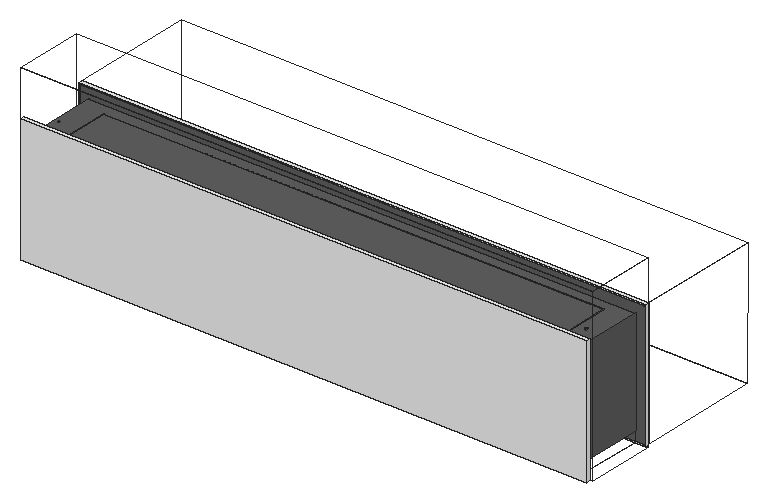
Revit family "AIRTECNICS_AIR CURTAIN_ZEN_DX-VRF_(HITACHI)123", category Mechanical Equipment, Revit 2016 (continued)
Types (4, lengths in mm): name | Weight | Triple Phase (External Ut.) | Single Phase (External Ut.) | REF | Product Size | Product Reference | Product Description | Power Fans | Noise Level (dB(A)) | Mainfolds | Length | Gas Coil Volume | External Ut. Reference | Dn_Metric_Refrig_Liquid | Dn_Metric_Refrig_Gas | DX Kit | DX Coil Rows = 4 | DX Coil Rows = 3 | Current Fans | COD | Apparent Load | Airflow | L
  ZEN ECG 1500 DX/VRF-HI | 57.00 kg | no | yes | 21 | "1500" | "ZEN ECG 1500 DX15-HI" | "Decorative energy saving heat pump air curtain in contemporary architectural style: Up to 70% reduction in costs and CO2 emissions (heating mode).\r\nIts minimalist and smart design integrates in any environment and offers infinite options to customize.\r\nThe panels can include logos, lighting, signage, safety or information signs, graphics, pictures, clocks, all according to customer specifications.\r\nFront anodized aluminium panels. Optionally manufactured in brushed or mirror polished stainless steel. Other materials are possible, such as galvanized steel, smooth or texturated skinplate, wood, etc.\r\nCentral structure made of galvanized steel finished in black forge as standard. Other colours are available on request. \r\nAnodized aluminium outlet vanes, airfoil shaped, adjustable in both directions.\r\nDouble-inlet centrifugal fans driven by an external rotor motor and low noise level. 5-speed selector. EC models assembled with very low consumption efficiency fans. \r\nIncludes only heating direct expansion coil with installed temperature sensors.\r\nPlug&Play control panel CS-5DX-NE slave DX with 5 speeds selector and 7m telephone cable included.\r\nReady to connect to HITACHI Inverter outdoor heat pump unit (R410A), not included, the customer should purchase it.\r\nRequires EXV-6.0E2 HITACHI DX Interface KIT adapted for air curtain with expansion valve and  PC-ART programmable control, please consult. The client should send the complete DX kit to Airtècnics in order to adapt it and install the temperature sensors.\r\nAir Volume: 2920 m3/h \r\nFans:  0,284 kW  2,48 A 230Vx1 50/60Hz\r\nHeating capacity: 15,32 kW\r\nDimensions: 291x473x1620 mm (depth, height, length)\r\nNOT SUPPLIED BY AIRTÈCNICS:\r\nEXV-6.0E2 Interface DX kit with direct expansion valve and PC-ART programmable control.\r\nExternal unit:\r\nOption 1: RAS-6HVNC1E\r\nExternal unit with direct expansion valve Hitachi, single phase motor 230Vx1 50Hz.\r\nHeating capacity 16kW. Heating power: 4,23kW. COP 3,78.\r\nCooling capacity 14kW. Cooling power 4,25kW. EER 3,29.\r\nCooling circuits 5/8\" - 3/8\".\r\nMaximum length 75m.\r\nDesnivell màxim 30m.\r\nOption 2: RAS-6HNC1E\r\nExternal unit with direct expansion valve Hitachi, triple phase motor 400Vx3 50Hz.\r\nHeating capacity 16kW. Heating power: 4,23kW. COP 3,78.\r\nCooling capacity 14kW. Cooling power 4,25kW. EER 3,29.\r\nCooling circuits 5/8\" - 3/8\".\r\nMaximum length 75m.\r\nDesnivell màxim 30m." | 0.284 kW | 62 | "5/8'' & 3/8''" | 1620.0 | 3.00 L | "RAS-6HVNC1E" | 10 | 16 | "EXV-6.0E2" | yes | no | 2.48 A | 21 | 568 VA | 2920 m³/h | 1500.0
  ZEN ECG 1000 DX/VRF-HI | 40.00 kg | no | yes | 111 | "1000" | "ZEN ECG 1000 DX8-HI" | "Decorative energy saving heat pump air curtain in contemporary architectural style: Up to 70% reduction in costs and CO2 emissions (heating mode).\r\nIts minimalist and smart design integrates in any environment and offers infinite options to customize.\r\nThe panels can include logos, lighting, signage, safety or information signs, graphics, pictures, clocks, all according to customer specifications.\r\nFront anodized aluminium panels. Optionally manufactured in brushed or mirror polished stainless steel. Other materials are possible, such as galvanized steel, smooth or texturated skinplate, wood, etc.\r\nCentral structure made of galvanized steel finished in black forge as standard. Other colours are available on request. \r\nAnodized aluminium outlet vanes, airfoil shaped, adjustable in both directions.\r\nDouble-inlet centrifugal fans driven by an external rotor motor and low noise level. 5-speed selector. EC models assembled with very low consumption efficiency fans. \r\nIncludes only heating direct expansion coil with installed temperature sensors.\r\nPlug&Play control panel CS-5DX-NE slave DX with 5 speeds selector and 7m telephone cable included.\r\nReady to connect to HITACHI Inverter outdoor heat pump unit (R410A), not included, the customer should purchase it.\r\nRequires EXV-3.0E2 HITACHI DX Interface KIT adapted for air curtain with expansion valve and  PC-ART programmable control, please consult. The client should send the complete DX kit to Airtècnics in order to adapt it and install the temperature sensors.\r\nAir Volume: 2190 m3/h \r\nFans:  0,213 kW  1,86 A 230Vx1 50/60Hz\r\nHeating capacity: 8,00 kW\r\nDimensions: 291x473x1220 mm (depth, height, length)\r\nNOT SUPPLIED BY AIRTÈCNICS:\r\nEXV-3.0E2 Interface DX kit with direct expansion valve and PC-ART programmable control.\r\nExternal unit:\r\n RAS-3HVNC1\r\nExternal unit with direct expansion valve Hitachi, single phase motor 230Vx1 50Hz.\r\nHeating capacity 8kW. Heating power: 1,9kW. SCOP 4,21.\r\nCooling capacity 7,1kW. Cooling power 1,94kW. SEER 3,66.\r\nCooling circuits 5/8\" - 3/8\".\r\nMaximum length 50m.\r\nDesnivell màxim 30m." | 0.213 kW | 61 | "5/8'' & 3/8''" | 1220.0 | 1.40 L | "RAS-3HVNC1" | 10 | 16 | "EXV-3.0E2" | no | yes | 1.86 A | 111 | 426 VA | 2190 m³/h | 1000.0
